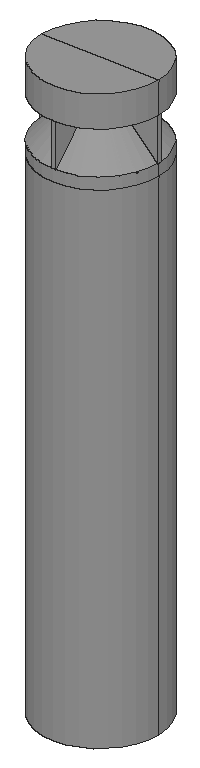
Revit family "99862_99622_HOST_FACE", category Lighting Fixtures, host Face, Revit 2015
Parameters (values of type "System Bollard")
  Wattage = 8.65749 W
  built-in parameter 1150110 = 1 (stored number, unit not read)
  URL = "www.bega-us.com"
  built-in parameter 1114217 = 1 (stored number, unit not read)
  Tilt Angle = 90.00°
  built-in parameter 1150109 = 1 (stored number, unit not read)
  built-in parameter 1150134 = (empty or 0)
  Telephone = "805.684.0533"
  built-in parameter 1150113 = 1 (stored number, unit not read)
  Photometric Web File = "99862.ies"
  Model = "99862"
  Manufacturer = "BEGA-US"
  built-in parameter 1150105 = 102.34 (stored number, unit not read)
  Lumens = 1286 lm
  built-in parameter 1150115 = 1 (stored number, unit not read)
  built-in parameter 1150137 = (empty or 0)
  built-in parameter 1150139 = (empty or 0)
  built-in parameter 1150112 = 1 (stored number, unit not read)
  built-in parameter 1150114 = 1 (stored number, unit not read)
  Lamp = "16.5W LED"
  built-in parameter 1150132 = 2
  built-in parameter 1150102 = (empty or 0)
  built-in parameter 1150107 = 3000 (stored number, unit not read)
  built-in parameter 1150138 = (empty or 0)
  built-in parameter 1150106 = 1.0234 (stored number, unit not read)
  built-in parameter 1150104 = 13.8 (stored number, unit not read)
  Dimming Lamp Color Temperature Shift = <None>
  Description = "BEGA System Bollard - symmetric"
  Default Elevation = 0' - 0"
  Color Filter = 16777215
  built-in parameter 1114218 = 1 (stored number, unit not read)
  built-in parameter 1150133 = 10 (stored number, unit not read)
Types (5): name | Wattage | built-in parameter 1150134 | Photometric Web File | Model | built-in parameter 1150105 | Lumens | Lamp | built-in parameter 1150107 | built-in parameter 1150106 | Description | Default Elevation
  (no name) | 8.65749 W | (empty or 0) | "99862.ies" | "99862" | 102.34 (stored number, unit not read) | 1286 lm | "16.5W LED" | 3000 (stored number, unit not read) | 1.0234 (stored number, unit not read) | "BEGA System Bollard - symmetric" | 0' - 0"
  Wall Luminaires - Directed Light | 18.4392 W | (empty or 0) | "generic" | "2260LED" | 217.96 (stored number, unit not read) | 2739 lm | "44.6W LED" | 3000 (stored number, unit not read) | 2.1796 (stored number, unit not read) | "Surface wall with cutoff optics" | 6' - 0"
  Wall Luminaires - Linear | 9.92985 W | 9 | "generic" | "4425P" | 117.38 (stored number, unit not read) | 1475 lm | "(1) 39W CF twin-4-p" | 3450 (stored number, unit not read) | 1.1738 (stored number, unit not read) | "Suface wall - linear with white acrylic diffuser" | 6' - 0"
  Ceiling and Wall Luminaires - Unshielded | 2.66591 W | (empty or 0) | "33508.ies" | "33 508" | 31.513 (stored number, unit not read) | 396 lm | "8.4W LED" | 3000 (stored number, unit not read) | 0.31513 (stored number, unit not read) | "LED ceiling and wall luminaires - impact resistant" | 6' - 0"
  System Bollard | 8.65749 W | (empty or 0) | "99862.ies" | "99862" | 102.34 (stored number, unit not read) | 1286 lm | "16.5W LED" | 3000 (stored number, unit not read) | 1.0234 (stored number, unit not read) | "BEGA System Bollard - symmetric" | 0' - 0"
Reference planes (in)
  plane 1 "Center (Front/Back)": y = 0
  plane 2: z = 0
  plane 3 "Center (Left/Right)": x = 0
Dimensions and locks (in)
  aligned and locked: plane 2 to host face
  aligned and locked: level to host face
Nested families (in)
  nested 1: "99622_2015" at (0, 0, 0), type "99622_2015"
  nested 2: "99862_2015" at (0, 0, 32), type "99862_2015"
Connectors (in)
  electrical at (0, 0, 0)
    settings: on host face, index 1, voltage 0 V, apparent load 0 VA, apparent load phase1 0 VA, apparent load phase2 0 VA, apparent load phase3 0 VA, power factor 1, load classification "Other", number of poles 1, system type 31, power factor state 1, is connector primary yes, connector utility no, sub classification motor no, connector description ""
Definition of nested family "99622_2015"
  Reference planes (in)
    plane 1 "Center (Front/Back)": y = 0
    plane 2: z = 0
    plane 3 "Center (Left/Right)": x = 0
  Forms (in)
    Revolve 1, solid
      sketch origin (0, 0, 0) x (1, 0, 0) y (0, 0, 1)
        loop
          line (0, 0) -> (3.75, 0) -> (3.75, 32) -> (3.5, 32) -> (3.5, 0.5) -> (0, 0.5) -> (0, 0)
        axis (0, 32) -> (0, 0)
      angle from 0 to 360
  Dimensions and locks (in)
    aligned and locked: plane 2 to level
Definition of nested family "99862_2015"
  Reference planes (in)
    plane 1 "Center (Front/Back)": y = 0
    plane 2: z = 0
    plane 3 "Center (Left/Right)": x = 0
  Forms (in)
    Revolve 1, solid
      sketch origin (0, 0, 0) x (1, 0, 0) y (0, 0, 1)
        loop
          line (3.75, 0) -> (3.75, 0.75) -> (1, 3.5) -> (0, 3.5) -> (0, 0) -> (0, -1.75) -> (3.5, -1.75) -> (3.5, 0) -> (3.75, 0)
        loop
          line (0, 5.5) -> (0, 5.375) -> (3.625, 5.375) -> (3.625, 3.5) -> (3.75, 3.5) -> (3.75, 5.5) -> (0, 5.5)
        axis (0, 5.5) -> (0, -1.75)
      angle from 0 to 360
    Extrusion 2, solid
      sketch origin (0, 0, 0) x (1, 0, 0) y (0, 1, 0)
        loop
          arc (0.125, 3.74792) -> (0, 3.75) -> (-0.125, 3.74792) r 3.75
          line (-0.125, 3.74792) -> (-0.125, 0.125) -> (-3.74792, 0.125)
          arc (-3.74792, 0.125) -> (-3.75, 0) -> (-3.74792, -0.125) r 3.75
          line (-3.74792, -0.125) -> (-0.125, -0.125) -> (-0.125, -3.74792)
          arc (-0.125, -3.74792) -> (0, -3.75) -> (0.125, -3.74792) r 3.75
          line (0.125, -3.74792) -> (0.125, -0.125) -> (3.74792, -0.125)
          arc (3.74792, -0.125) -> (3.75, 0) -> (3.74792, 0.125) r 3.75
          line (3.74792, 0.125) -> (0.125, 0.125) -> (0.125, 3.74792)
      from 0.75 to 3.5
  Cuts and joins
    joined: Revolve 1, Extrusion 2
  Dimensions and locks (in)
    aligned and locked: plane 2 to level
